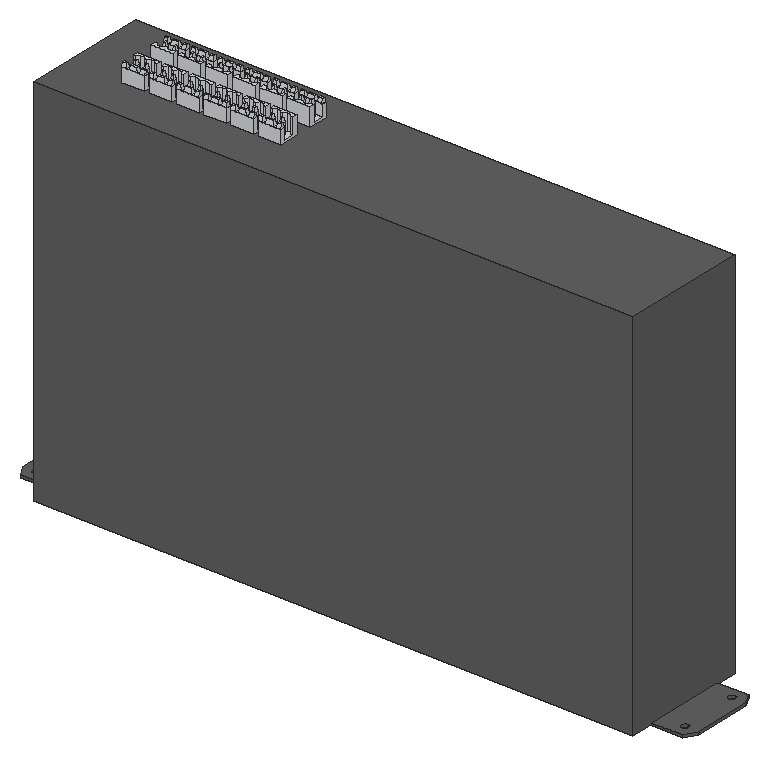
Revit family "БП24.220.350_RV17_LOD400 (05.11.23)", category Электрооборудование, Revit 2017
Family settings
  Конфигурация панели = Два столбца, слева направо
  Размер круглого соединителя = Использовать диаметр
  Тип детали = Щит
  На основе рабочей плоскости = Да
  Всегда вертикально = Нет
  При загрузке вырезать с полостями = Нет
  Общий = Нет
  Точка расчета площади = Нет
Parameters (values of type "БП24/220/350")
  Смещение_УГО_Y [instance] = 0 mm
  Смещение_УГО_X [instance] = 0 mm
  Раздел проекта [instance] = ""
  Раздел Спецификации [instance] = ""
  Потребляемый ток, не более, А = 4 A
  Default Elevation = 1219.2 mm
  Напряжение = "220"
  Интерфейс управления = "RS-485"
  Диапазон рабочих температур, °С = "от –40 до +50"
  Выходное напряжение постоянного тока, В = 24
  Время непрерывной работы, ч = "круглосуточно"
  В_Смещение_УГО_Y [instance] = Смещение_УГО_Y + 2000 mm  # 2000 mm
  В_Смещение_УГО_X [instance] = Смещение_УГО_X + 2000 mm  # 2000 mm
  d_короба = 0 mm
  ADSK_Размер_Длина = 299 mm
  ADSK_Размер_Глубина = 166 mm
  ADSK_Размер_Высота = 56 mm
  ADSK_Примечание = ""
  ADSK_Наименование = "Блок питания БП24/220/350"
  ADSK_Масса = 2.2
  ADSK_Марка = "СТВФ.426471.012-01"
  ADSK_Количество = 1
  ADSK_Завод-изготовитель = "ООО «Основа Безопасности»"  # constant formula
  ADSK_Единица измерения = "шт."  # constant formula
  ADSK_URL страницы изделия = "https://stilsoft.ru/products/bp24-220-350"
  ADSK_URL документации изделия = ""
Reference planes
  plane 1 "По центру (Вперед/Назад)": y = 0
  plane 2: z = 0
  plane 3 "По центру (Влево/Вправо)": x = 0
  plane 4: y = 2000
  plane 5: x = -2000
  plane 6: x = 0
  plane 7: y = 0
  plane 8: x = 149.5
  plane 9: x = -149.5
  plane 10: x = 132.5
  plane 11 "1": x = -132.5
Forms (mm)
  Extrusion 1, solid, material "Стена по умолчанию", detail levels medium+fine
    sketch origin (0, 28, 0) x (0, -1, 0) y (1, 0, 0)
      loop
        line (56, -132.5) -> (56, 132.5) -> (0, 132.5) -> (0, -132.5) -> (56, -132.5)
    from 0 to 166
  Extrusion 2, solid, material "Стена по умолчанию", detail levels medium+fine
    sketch origin (0, 28, 0) x (0, -1, 0) y (1, 0, 0)
      loop
        line (10, -132.5) -> (10, -146.613) -> (15, -149.5) -> (41, -149.5) -> (45.9, -146.671) -> (45.9, -132.5) -> (10, -132.5)
      loop
        circle (40.943, -143.445) r 1.6
      loop
        line (10, 132.5) -> (46, 132.5) -> (46, 146.613) -> (41, 149.5) -> (15, 149.5) -> (10, 146.613) -> (10, 132.5)
      loop
        circle (15.057, -143.445) r 1.6
      loop
        circle (40.943, 143.445) r 1.6
      loop
        circle (15.057, 143.445) r 1.6
    from 0 to 1
  Extrusion 3, void, detail levels medium+fine
    sketch origin (0, 28, 0) x (1, 0, 0) y (0, 0, 1)
      loop
        line (-72.5, 30) -> (-70, 30) -> (-70, 60) -> (-72.5, 60) -> (-72.5, 30)
      loop
        line (-72.5, 75) -> (-70, 75) -> (-70, 105) -> (-72.5, 105) -> (-72.5, 75)
    from 0 to 10
  Extrusion 4, void
    sketch origin (5, 28, 0) x (1, 0, 0) y (0, 0, 1)
      loop
        line (-72.5, 30) -> (-70, 30) -> (-70, 60) -> (-72.5, 60) -> (-72.5, 30)
      loop
        line (-72.5, 75) -> (-70, 75) -> (-70, 105) -> (-72.5, 105) -> (-72.5, 75)
    from 0 to 10
  Extrusion 5, void
    sketch origin (10, 28, 0) x (1, 0, 0) y (0, 0, 1)
      loop
        line (-72.5, 30) -> (-70, 30) -> (-70, 60) -> (-72.5, 60) -> (-72.5, 30)
      loop
        line (-72.5, 75) -> (-70, 75) -> (-70, 105) -> (-72.5, 105) -> (-72.5, 75)
    from 0 to 10
  Extrusion 6, void
    sketch origin (15, 28, 0) x (1, 0, 0) y (0, 0, 1)
      loop
        line (-72.5, 30) -> (-70, 30) -> (-70, 60) -> (-72.5, 60) -> (-72.5, 30)
      loop
        line (-72.5, 75) -> (-70, 75) -> (-70, 105) -> (-72.5, 105) -> (-72.5, 75)
    from 0 to 10
  Extrusion 7, void
    sketch origin (20, 28, 0) x (1, 0, 0) y (0, 0, 1)
      loop
        line (-72.5, 30) -> (-70, 30) -> (-70, 60) -> (-72.5, 60) -> (-72.5, 30)
      loop
        line (-72.5, 75) -> (-70, 75) -> (-70, 105) -> (-72.5, 105) -> (-72.5, 75)
    from 0 to 10
  Extrusion 8, void
    sketch origin (25, 28, 0) x (1, 0, 0) y (0, 0, 1)
      loop
        line (-72.5, 30) -> (-70, 30) -> (-70, 60) -> (-72.5, 60) -> (-72.5, 30)
      loop
        line (-72.5, 75) -> (-70, 75) -> (-70, 105) -> (-72.5, 105) -> (-72.5, 75)
    from 0 to 10
  Extrusion 9, void
    sketch origin (30, 28, 0) x (1, 0, 0) y (0, 0, 1)
      loop
        line (-72.5, 30) -> (-70, 30) -> (-70, 60) -> (-72.5, 60) -> (-72.5, 30)
      loop
        line (-72.5, 75) -> (-70, 75) -> (-70, 105) -> (-72.5, 105) -> (-72.5, 75)
    from 0 to 10
  Extrusion 10, void
    sketch origin (35, 28, 0) x (1, 0, 0) y (0, 0, 1)
      loop
        line (-72.5, 30) -> (-70, 30) -> (-70, 60) -> (-72.5, 60) -> (-72.5, 30)
      loop
        line (-72.5, 75) -> (-70, 75) -> (-70, 105) -> (-72.5, 105) -> (-72.5, 75)
    from 0 to 10
  Extrusion 11, void
    sketch origin (40, 28, 0) x (1, 0, 0) y (0, 0, 1)
      loop
        line (-72.5, 30) -> (-70, 30) -> (-70, 60) -> (-72.5, 60) -> (-72.5, 30)
      loop
        line (-72.5, 75) -> (-70, 75) -> (-70, 105) -> (-72.5, 105) -> (-72.5, 75)
    from 0 to 10
  Extrusion 12, void
    sketch origin (45, 28, 0) x (1, 0, 0) y (0, 0, 1)
      loop
        line (-72.5, 30) -> (-70, 30) -> (-70, 60) -> (-72.5, 60) -> (-72.5, 30)
      loop
        line (-72.5, 75) -> (-70, 75) -> (-70, 105) -> (-72.5, 105) -> (-72.5, 75)
    from 0 to 10
  Extrusion 13, void
    sketch origin (50, 28, 0) x (1, 0, 0) y (0, 0, 1)
      loop
        line (-72.5, 30) -> (-70, 30) -> (-70, 60) -> (-72.5, 60) -> (-72.5, 30)
      loop
        line (-72.5, 75) -> (-70, 75) -> (-70, 105) -> (-72.5, 105) -> (-72.5, 75)
    from 0 to 10
  Extrusion 14, void, detail levels medium+fine
    sketch origin (55, 28, 0) x (1, 0, 0) y (0, 0, 1)
      loop
        line (-72.5, 30) -> (-70, 30) -> (-70, 60) -> (-72.5, 60) -> (-72.5, 30)
      loop
        line (-72.5, 75) -> (-70, 75) -> (-70, 105) -> (-72.5, 105) -> (-72.5, 75)
    from 0 to 10
  Extrusion 15, void
    sketch origin (60, 28, 0) x (1, 0, 0) y (0, 0, 1)
      loop
        line (-72.5, 30) -> (-70, 30) -> (-70, 60) -> (-72.5, 60) -> (-72.5, 30)
      loop
        line (-72.5, 75) -> (-70, 75) -> (-70, 105) -> (-72.5, 105) -> (-72.5, 75)
    from 0 to 10
  Extrusion 16, void
    sketch origin (65, 28, 0) x (1, 0, 0) y (0, 0, 1)
      loop
        line (-72.5, 30) -> (-70, 30) -> (-70, 60) -> (-72.5, 60) -> (-72.5, 30)
      loop
        line (-72.5, 75) -> (-70, 75) -> (-70, 105) -> (-72.5, 105) -> (-72.5, 75)
    from 0 to 10
  Extrusion 17, void, detail levels medium+fine
    sketch origin (150, 28, 0) x (-1, 0, 0) y (0, 0, -1)
      loop
        line (83.75, -134.128) -> (83.75, -68.001) -> (81.25, -68.001) -> (81.25, -134.128) -> (83.75, -134.128)
    from 0 to 10
  Extrusion 18, void, detail levels medium+fine
    sketch origin (155, 28, 0) x (-1, 0, 0) y (0, 0, -1)
      loop
        line (83.75, -135.278) -> (83.75, -66.733) -> (81.25, -66.733) -> (81.25, -135.278) -> (83.75, -135.278)
    from 0 to 10
  Extrusion 19, void, detail levels medium+fine
    sketch origin (160, 28, 0) x (-1, 0, 0) y (0, 0, -1)
      loop
        line (83.75, -135.87) -> (83.75, -65.997) -> (81.25, -65.997) -> (81.25, -135.87) -> (83.75, -135.87)
    from 0 to 10
  Extrusion 20, void, detail levels medium+fine
    sketch origin (145, 28, 0) x (-1, 0, 0) y (0, 0, -1)
      loop
        line (83.75, -131.746) -> (83.75, -70.132) -> (81.25, -70.132) -> (81.25, -131.746) -> (83.75, -131.746)
    from 0 to 10
  Extrusion 21, void, detail levels medium+fine
    sketch origin (140, 28, 0) x (-1, 0, 0) y (0, 0, -1)
      loop
        line (83.75, -128.183) -> (83.75, -73.669) -> (81.25, -73.669) -> (81.25, -128.183) -> (83.75, -128.183)
    from 0 to 10
  Extrusion 22, void, detail levels medium+fine
    sketch origin (135, 28, 0) x (-1, 0, 0) y (0, 0, -1)
      loop
        line (83.75, -123.669) -> (83.75, -78.409) -> (81.25, -78.409) -> (81.25, -123.669) -> (83.75, -123.669)
    from 0 to 10
  Extrusion 23, void, detail levels medium+fine
    sketch origin (130, 28, 0) x (-1, 0, 0) y (0, 0, -1)
      loop
        line (83.75, -116.574) -> (83.75, -85.412) -> (81.25, -85.412) -> (81.25, -116.574) -> (83.75, -116.574)
    from 0 to 10
  Extrusion 24, void, detail levels medium+fine
    sketch origin (5, 28, 0) x (1, 0, 0) y (0, 0, 1)
      loop
        line (83.75, 134.128) -> (81.25, 134.128) -> (81.25, 68.001) -> (83.75, 68.001) -> (83.75, 134.128)
    from 0 to 10
  Extrusion 25, void, detail levels medium+fine
    sketch origin (0, 28, 0) x (1, 0, 0) y (0, 0, 1)
      loop
        line (83.75, 135.278) -> (81.25, 135.278) -> (81.25, 66.733) -> (83.75, 66.733) -> (83.75, 135.278)
    from 0 to 10
  Extrusion 26, void, detail levels medium+fine
    sketch origin (10, 28, 0) x (1, 0, 0) y (0, 0, 1)
      loop
        line (83.75, 131.746) -> (81.25, 131.746) -> (81.25, 70.132) -> (83.75, 70.132) -> (83.75, 131.746)
    from 0 to 10
  Extrusion 27, void, detail levels medium+fine
    sketch origin (15, 28, 0) x (1, 0, 0) y (0, 0, 1)
      loop
        line (83.75, 128.183) -> (81.25, 128.183) -> (81.25, 73.669) -> (83.75, 73.669) -> (83.75, 128.183)
    from 0 to 10
  Extrusion 28, void, detail levels medium+fine
    sketch origin (20, 28, 0) x (1, 0, 0) y (0, 0, 1)
      loop
        line (83.75, 123.669) -> (81.25, 123.669) -> (81.25, 78.409) -> (83.75, 78.409) -> (83.75, 123.669)
    from 0 to 10
  Extrusion 29, void, detail levels medium+fine
    sketch origin (25, 28, 0) x (1, 0, 0) y (0, 0, 1)
      loop
        line (83.75, 116.574) -> (81.25, 116.574) -> (81.25, 85.412) -> (83.75, 85.412) -> (83.75, 116.574)
    from 0 to 10
  Extrusion 30, void, detail levels medium+fine
    sketch origin (-132.5, 28, -5) x (0, 0, -1) y (0, -1, 0)
      loop
        line (-151, 12.6) -> (-148.5, 12.6) -> (-148.5, 42.6) -> (-151, 42.6) -> (-151, 12.6)
    from 0 to -10
  Extrusion 31, void, detail levels medium+fine
    sketch origin (-132.5, 28, -10) x (0, 0, -1) y (0, -1, 0)
      loop
        line (-151, 12.6) -> (-148.5, 12.6) -> (-148.5, 42.6) -> (-151, 42.6) -> (-151, 12.6)
    from 0 to -10
  Extrusion 32, void, detail levels medium+fine
    sketch origin (-132.5, 28, -15) x (0, 0, -1) y (0, -1, 0)
      loop
        line (-151, 12.6) -> (-148.5, 12.6) -> (-148.5, 42.6) -> (-151, 42.6) -> (-151, 12.6)
    from 0 to -10
  Extrusion 33, void, detail levels medium+fine
    sketch origin (-132.5, 28, -20) x (0, 0, -1) y (0, -1, 0)
      loop
        line (-151, 12.6) -> (-148.5, 12.6) -> (-148.5, 42.6) -> (-151, 42.6) -> (-151, 12.6)
    from 0 to -10
  Extrusion 34, void, detail levels medium+fine
    sketch origin (-132.5, 28, -25) x (0, 0, -1) y (0, -1, 0)
      loop
        line (-151, 12.6) -> (-148.5, 12.6) -> (-148.5, 42.6) -> (-151, 42.6) -> (-151, 12.6)
    from 0 to -10
  Extrusion 35, void, detail levels medium+fine
    sketch origin (-132.5, 28, -30) x (0, 0, -1) y (0, -1, 0)
      loop
        line (-151, 12.6) -> (-148.5, 12.6) -> (-148.5, 42.6) -> (-151, 42.6) -> (-151, 12.6)
    from 0 to -10
  Extrusion 36, void, detail levels medium+fine
    sketch origin (-132.5, 28, -35) x (0, 0, -1) y (0, -1, 0)
      loop
        line (-151, 12.6) -> (-148.5, 12.6) -> (-148.5, 42.6) -> (-151, 42.6) -> (-151, 12.6)
    from 0 to -10
  Extrusion 37, void, detail levels medium+fine
    sketch origin (-132.5, 28, -40) x (0, 0, -1) y (0, -1, 0)
      loop
        line (-151, 12.6) -> (-148.5, 12.6) -> (-148.5, 42.6) -> (-151, 42.6) -> (-151, 12.6)
    from 0 to -10
  Extrusion 38, void, detail levels medium+fine
    sketch origin (-132.5, 28, -45) x (0, 0, -1) y (0, -1, 0)
      loop
        line (-151, 12.6) -> (-148.5, 12.6) -> (-148.5, 42.6) -> (-151, 42.6) -> (-151, 12.6)
    from 0 to -10
  Extrusion 39, void, detail levels medium+fine
    sketch origin (-132.5, 28, -50) x (0, 0, -1) y (0, -1, 0)
      loop
        line (-151, 12.6) -> (-148.5, 12.6) -> (-148.5, 42.6) -> (-151, 42.6) -> (-151, 12.6)
    from 0 to -10
  Extrusion 40, void, detail levels medium+fine
    sketch origin (-132.5, 28, -55) x (0, 0, -1) y (0, -1, 0)
      loop
        line (-151, 12.6) -> (-148.5, 12.6) -> (-148.5, 42.6) -> (-151, 42.6) -> (-151, 12.6)
    from 0 to -10
  Extrusion 41, void, detail levels medium+fine
    sketch origin (-132.5, 28, -60) x (0, 0, -1) y (0, -1, 0)
      loop
        line (-151, 12.6) -> (-148.5, 12.6) -> (-148.5, 42.6) -> (-151, 42.6) -> (-151, 12.6)
    from 0 to -10
  Extrusion 42, void, detail levels medium+fine
    sketch origin (-132.5, 28, -65) x (0, 0, -1) y (0, -1, 0)
      loop
        line (-151, 12.6) -> (-148.5, 12.6) -> (-148.5, 42.6) -> (-151, 42.6) -> (-151, 12.6)
    from 0 to -10
  Extrusion 43, void, detail levels medium+fine
    sketch origin (-132.5, 28, -70) x (0, 0, -1) y (0, -1, 0)
      loop
        line (-151, 12.6) -> (-148.5, 12.6) -> (-148.5, 42.6) -> (-151, 42.6) -> (-151, 12.6)
    from 0 to -10
  Extrusion 44, void, detail levels medium+fine
    sketch origin (-132.5, 28, 0) x (0, 0, -1) y (0, -1, 0)
      loop
        line (-151, 12.6) -> (-148.5, 12.6) -> (-148.5, 42.6) -> (-151, 42.6) -> (-151, 12.6)
    from 0 to -10
  Extrusion 45, solid, detail levels medium+fine
    sketch origin (0, 28, 166) x (-1, 0, 0) y (0, -1, 0)
      loop
        line (98.62, 21.184) -> (98.62, 19.202) -> (99.495, 19.202) -> (100.459, 20.166) -> (102.219, 20.166) -> (103.183, 19.202) -> (104.058, 19.202) -> (105.022, 20.166) -> (106.781, 20.166) -> (107.745, 19.202) -> (108.62, 19.202) -> (108.62, 21.184) -> (98.62, 21.184)
    from 0 to 8
  Extrusion 46, solid, detail levels medium+fine
    sketch origin (0, 28, 166) x (-1, 0, 0) y (0, -1, 0)
      loop
        line (98.62, 12.584) -> (108.62, 12.584) -> (108.62, 14.187) -> (98.62, 14.187) -> (98.62, 12.584)
      loop
        line (100.794, 17.33) -> (100.794, 15.959) -> (102.002, 15.959) -> (102.002, 17.33) -> (100.794, 17.33)
      loop
        line (106.446, 17.33) -> (105.238, 17.33) -> (105.238, 15.959) -> (106.446, 15.959) -> (106.446, 17.33)
    from 0 to 6
  Extrusion 47, solid, detail levels medium+fine
    sketch origin (0, 28, 166) x (-1, 0, 0) y (0, -1, 0)
      loop
        line (98.62, 21.184) -> (98.62, 12.584) -> (108.62, 12.584) -> (108.62, 21.184) -> (98.62, 21.184)
    from 0 to 1
  Blend 48, solid, detail levels medium+fine
    base sketch origin (0, 28, 166) x (-1, 0, 0) y (0, -1, 0)
      loop
        line (100.794, 17.33) -> (100.794, 15.959) -> (102.002, 15.959) -> (102.002, 17.33) -> (100.794, 17.33)
    top sketch origin (0, 28, 166) x (-1, 0, 0) y (0, -1, 0)
      loop
        line (101.026, 17.048) -> (101.026, 16.244) -> (101.812, 16.244) -> (101.812, 17.048) -> (101.026, 17.048)
    from 6 to 8
  Blend 49, solid, detail levels medium+fine
    base sketch origin (-4.444, 28, 166) x (-1, 0, 0) y (0, -1, 0)
      loop
        line (100.794, 17.33) -> (100.794, 15.959) -> (102.002, 15.959) -> (102.002, 17.33) -> (100.794, 17.33)
    top sketch origin (-4.444, 28, 166) x (-1, 0, 0) y (0, -1, 0)
      loop
        line (101.026, 17.048) -> (101.026, 16.244) -> (101.812, 16.244) -> (101.812, 17.048) -> (101.026, 17.048)
    from 6 to 8
  Blend 50, solid, detail levels medium+fine
    base sketch origin (0, 28, 166) x (-1, 0, 0) y (0, -1, 0)
      loop
        line (101.875, 14.187) -> (101.875, 12.584) -> (105.457, 12.584) -> (105.457, 14.187) -> (101.875, 14.187)
    top sketch origin (0, 28, 166) x (-1, 0, 0) y (0, -1, 0)
      loop
        line (102.306, 13.751) -> (102.306, 12.968) -> (105.125, 12.968) -> (105.125, 13.751) -> (102.306, 13.751)
    from 6 to 8
  Blend 51, solid, detail levels medium+fine
    base sketch origin (0, 28, 166) x (-1, 0, 0) y (0, -1, 0)
      loop
        line (106.585, 14.187) -> (106.585, 12.584) -> (108.62, 12.584) -> (108.62, 14.187) -> (106.585, 14.187)
    top sketch origin (0, 28, 166) x (-1, 0, 0) y (0, -1, 0)
      loop
        line (106.948, 13.801) -> (106.948, 12.962) -> (108.62, 12.962) -> (108.62, 13.801) -> (106.948, 13.801)
    from 6 to 8
  Blend 52, solid, detail levels medium+fine
    base sketch origin (-207.332, 28, 166) x (1, 0, 0) y (0, 1, 0)
      loop
        line (106.585, -14.187) -> (108.62, -14.187) -> (108.62, -12.584) -> (106.585, -12.584) -> (106.585, -14.187)
    top sketch origin (-207.332, 28, 166) x (1, 0, 0) y (0, 1, 0)
      loop
        line (106.948, -13.801) -> (108.62, -13.801) -> (108.62, -12.962) -> (106.948, -12.962) -> (106.948, -13.801)
    from 6 to 8
  Extrusion 53, solid, detail levels medium+fine
    sketch origin (12.049, 28, 166) x (-1, 0, 0) y (0, -1, 0)
      loop
        line (98.62, 21.184) -> (98.62, 19.202) -> (99.495, 19.202) -> (100.459, 20.166) -> (102.219, 20.166) -> (103.183, 19.202) -> (104.058, 19.202) -> (105.022, 20.166) -> (106.781, 20.166) -> (107.745, 19.202) -> (108.62, 19.202) -> (108.62, 21.184) -> (98.62, 21.184)
    from 0 to 8
  Extrusion 54, solid, detail levels medium+fine
    sketch origin (12.049, 28, 166) x (-1, 0, 0) y (0, -1, 0)
      loop
        line (98.62, 12.584) -> (108.62, 12.584) -> (108.62, 14.187) -> (98.62, 14.187) -> (98.62, 12.584)
      loop
        line (100.794, 17.33) -> (100.794, 15.959) -> (102.002, 15.959) -> (102.002, 17.33) -> (100.794, 17.33)
      loop
        line (106.446, 17.33) -> (105.238, 17.33) -> (105.238, 15.959) -> (106.446, 15.959) -> (106.446, 17.33)
    from 0 to 6
  Extrusion 55, solid, detail levels medium+fine
    sketch origin (12.049, 28, 166) x (-1, 0, 0) y (0, -1, 0)
      loop
        line (98.62, 21.184) -> (98.62, 12.584) -> (108.62, 12.584) -> (108.62, 21.184) -> (98.62, 21.184)
    from 0 to 1
  Blend 56, solid, detail levels medium+fine
    base sketch origin (12.049, 28, 166) x (-1, 0, 0) y (0, -1, 0)
      loop
        line (100.794, 17.33) -> (100.794, 15.959) -> (102.002, 15.959) -> (102.002, 17.33) -> (100.794, 17.33)
    top sketch origin (12.049, 28, 166) x (-1, 0, 0) y (0, -1, 0)
      loop
        line (101.026, 17.048) -> (101.026, 16.244) -> (101.812, 16.244) -> (101.812, 17.048) -> (101.026, 17.048)
    from 6 to 8
  Blend 57, solid, detail levels medium+fine
    base sketch origin (7.605, 28, 166) x (-1, 0, 0) y (0, -1, 0)
      loop
        line (100.794, 17.33) -> (100.794, 15.959) -> (102.002, 15.959) -> (102.002, 17.33) -> (100.794, 17.33)
    top sketch origin (7.605, 28, 166) x (-1, 0, 0) y (0, -1, 0)
      loop
        line (101.026, 17.048) -> (101.026, 16.244) -> (101.812, 16.244) -> (101.812, 17.048) -> (101.026, 17.048)
    from 6 to 8
  Blend 58, solid, detail levels medium+fine
    base sketch origin (12.049, 28, 166) x (-1, 0, 0) y (0, -1, 0)
      loop
        line (101.875, 14.187) -> (101.875, 12.584) -> (105.457, 12.584) -> (105.457, 14.187) -> (101.875, 14.187)
    top sketch origin (12.049, 28, 166) x (-1, 0, 0) y (0, -1, 0)
      loop
        line (102.306, 13.751) -> (102.306, 12.968) -> (105.125, 12.968) -> (105.125, 13.751) -> (102.306, 13.751)
    from 6 to 8
  Blend 59, solid, detail levels medium+fine
    base sketch origin (12.049, 28, 166) x (-1, 0, 0) y (0, -1, 0)
      loop
        line (106.585, 14.187) -> (106.585, 12.584) -> (108.62, 12.584) -> (108.62, 14.187) -> (106.585, 14.187)
    top sketch origin (12.049, 28, 166) x (-1, 0, 0) y (0, -1, 0)
      loop
        line (106.948, 13.801) -> (106.948, 12.962) -> (108.62, 12.962) -> (108.62, 13.801) -> (106.948, 13.801)
    from 6 to 8
  Blend 60, solid, detail levels medium+fine
    base sketch origin (-195.283, 28, 166) x (1, 0, 0) y (0, 1, 0)
      loop
        line (106.585, -14.187) -> (108.62, -14.187) -> (108.62, -12.584) -> (106.585, -12.584) -> (106.585, -14.187)
    top sketch origin (-195.283, 28, 166) x (1, 0, 0) y (0, 1, 0)
      loop
        line (106.948, -13.801) -> (108.62, -13.801) -> (108.62, -12.962) -> (106.948, -12.962) -> (106.948, -13.801)
    from 6 to 8
  Extrusion 61, solid, detail levels medium+fine
    sketch origin (24.097, 28, 166) x (-1, 0, 0) y (0, -1, 0)
      loop
        line (98.62, 21.184) -> (98.62, 19.202) -> (99.495, 19.202) -> (100.459, 20.166) -> (102.219, 20.166) -> (103.183, 19.202) -> (104.058, 19.202) -> (105.022, 20.166) -> (106.781, 20.166) -> (107.745, 19.202) -> (108.62, 19.202) -> (108.62, 21.184) -> (98.62, 21.184)
    from 0 to 8
  Extrusion 62, solid, detail levels medium+fine
    sketch origin (24.097, 28, 166) x (-1, 0, 0) y (0, -1, 0)
      loop
        line (98.62, 12.584) -> (108.62, 12.584) -> (108.62, 14.187) -> (98.62, 14.187) -> (98.62, 12.584)
      loop
        line (100.794, 17.33) -> (100.794, 15.959) -> (102.002, 15.959) -> (102.002, 17.33) -> (100.794, 17.33)
      loop
        line (106.446, 17.33) -> (105.238, 17.33) -> (105.238, 15.959) -> (106.446, 15.959) -> (106.446, 17.33)
    from 0 to 6
  Extrusion 63, solid, detail levels medium+fine
    sketch origin (24.097, 28, 166) x (-1, 0, 0) y (0, -1, 0)
      loop
        line (98.62, 21.184) -> (98.62, 12.584) -> (108.62, 12.584) -> (108.62, 21.184) -> (98.62, 21.184)
    from 0 to 1
  Blend 64, solid, detail levels medium+fine
    base sketch origin (24.097, 28, 166) x (-1, 0, 0) y (0, -1, 0)
      loop
        line (100.794, 17.33) -> (100.794, 15.959) -> (102.002, 15.959) -> (102.002, 17.33) -> (100.794, 17.33)
    top sketch origin (24.097, 28, 166) x (-1, 0, 0) y (0, -1, 0)
      loop
        line (101.026, 17.048) -> (101.026, 16.244) -> (101.812, 16.244) -> (101.812, 17.048) -> (101.026, 17.048)
    from 6 to 8
  Blend 65, solid, detail levels medium+fine
    base sketch origin (19.653, 28, 166) x (-1, 0, 0) y (0, -1, 0)
      loop
        line (100.794, 17.33) -> (100.794, 15.959) -> (102.002, 15.959) -> (102.002, 17.33) -> (100.794, 17.33)
    top sketch origin (19.653, 28, 166) x (-1, 0, 0) y (0, -1, 0)
      loop
        line (101.026, 17.048) -> (101.026, 16.244) -> (101.812, 16.244) -> (101.812, 17.048) -> (101.026, 17.048)
    from 6 to 8
  Blend 66, solid, detail levels medium+fine
    base sketch origin (24.097, 28, 166) x (-1, 0, 0) y (0, -1, 0)
      loop
        line (101.875, 14.187) -> (101.875, 12.584) -> (105.457, 12.584) -> (105.457, 14.187) -> (101.875, 14.187)
    top sketch origin (24.097, 28, 166) x (-1, 0, 0) y (0, -1, 0)
      loop
        line (102.306, 13.751) -> (102.306, 12.968) -> (105.125, 12.968) -> (105.125, 13.751) -> (102.306, 13.751)
    from 6 to 8
  Blend 67, solid, detail levels medium+fine
    base sketch origin (24.097, 28, 166) x (-1, 0, 0) y (0, -1, 0)
      loop
        line (106.585, 14.187) -> (106.585, 12.584) -> (108.62, 12.584) -> (108.62, 14.187) -> (106.585, 14.187)
    top sketch origin (24.097, 28, 166) x (-1, 0, 0) y (0, -1, 0)
      loop
        line (106.948, 13.801) -> (106.948, 12.962) -> (108.62, 12.962) -> (108.62, 13.801) -> (106.948, 13.801)
    from 6 to 8
  Blend 68, solid, detail levels medium+fine
    base sketch origin (-183.234, 28, 166) x (1, 0, 0) y (0, 1, 0)
      loop
        line (106.585, -14.187) -> (108.62, -14.187) -> (108.62, -12.584) -> (106.585, -12.584) -> (106.585, -14.187)
    top sketch origin (-183.234, 28, 166) x (1, 0, 0) y (0, 1, 0)
      loop
        line (106.948, -13.801) -> (108.62, -13.801) -> (108.62, -12.962) -> (106.948, -12.962) -> (106.948, -13.801)
    from 6 to 8
  Extrusion 69, solid, detail levels medium+fine
    sketch origin (36.146, 28, 166) x (-1, 0, 0) y (0, -1, 0)
      loop
        line (98.62, 21.184) -> (98.62, 19.202) -> (99.495, 19.202) -> (100.459, 20.166) -> (102.219, 20.166) -> (103.183, 19.202) -> (104.058, 19.202) -> (105.022, 20.166) -> (106.781, 20.166) -> (107.745, 19.202) -> (108.62, 19.202) -> (108.62, 21.184) -> (98.62, 21.184)
    from 0 to 8
  Extrusion 70, solid, detail levels medium+fine
    sketch origin (36.146, 28, 166) x (-1, 0, 0) y (0, -1, 0)
      loop
        line (98.62, 12.584) -> (108.62, 12.584) -> (108.62, 14.187) -> (98.62, 14.187) -> (98.62, 12.584)
      loop
        line (100.794, 17.33) -> (100.794, 15.959) -> (102.002, 15.959) -> (102.002, 17.33) -> (100.794, 17.33)
      loop
        line (106.446, 17.33) -> (105.238, 17.33) -> (105.238, 15.959) -> (106.446, 15.959) -> (106.446, 17.33)
    from 0 to 6
  Extrusion 71, solid, detail levels medium+fine
    sketch origin (36.146, 28, 166) x (-1, 0, 0) y (0, -1, 0)
      loop
        line (98.62, 21.184) -> (98.62, 12.584) -> (108.62, 12.584) -> (108.62, 21.184) -> (98.62, 21.184)
    from 0 to 1
  Blend 72, solid, detail levels medium+fine
    base sketch origin (36.146, 28, 166) x (-1, 0, 0) y (0, -1, 0)
      loop
        line (100.794, 17.33) -> (100.794, 15.959) -> (102.002, 15.959) -> (102.002, 17.33) -> (100.794, 17.33)
    top sketch origin (36.146, 28, 166) x (-1, 0, 0) y (0, -1, 0)
      loop
        line (101.026, 17.048) -> (101.026, 16.244) -> (101.812, 16.244) -> (101.812, 17.048) -> (101.026, 17.048)
    from 6 to 8
  Blend 73, solid, detail levels medium+fine
    base sketch origin (31.702, 28, 166) x (-1, 0, 0) y (0, -1, 0)
      loop
        line (100.794, 17.33) -> (100.794, 15.959) -> (102.002, 15.959) -> (102.002, 17.33) -> (100.794, 17.33)
    top sketch origin (31.702, 28, 166) x (-1, 0, 0) y (0, -1, 0)
      loop
        line (101.026, 17.048) -> (101.026, 16.244) -> (101.812, 16.244) -> (101.812, 17.048) -> (101.026, 17.048)
    from 6 to 8
  Blend 74, solid, detail levels medium+fine
    base sketch origin (36.146, 28, 166) x (-1, 0, 0) y (0, -1, 0)
      loop
        line (101.875, 14.187) -> (101.875, 12.584) -> (105.457, 12.584) -> (105.457, 14.187) -> (101.875, 14.187)
    top sketch origin (36.146, 28, 166) x (-1, 0, 0) y (0, -1, 0)
      loop
        line (102.306, 13.751) -> (102.306, 12.968) -> (105.125, 12.968) -> (105.125, 13.751) -> (102.306, 13.751)
    from 6 to 8
  Blend 75, solid, detail levels medium+fine
    base sketch origin (36.146, 28, 166) x (-1, 0, 0) y (0, -1, 0)
      loop
        line (106.585, 14.187) -> (106.585, 12.584) -> (108.62, 12.584) -> (108.62, 14.187) -> (106.585, 14.187)
    top sketch origin (36.146, 28, 166) x (-1, 0, 0) y (0, -1, 0)
      loop
        line (106.948, 13.801) -> (106.948, 12.962) -> (108.62, 12.962) -> (108.62, 13.801) -> (106.948, 13.801)
    from 6 to 8
  Blend 76, solid, detail levels medium+fine
    base sketch origin (-171.186, 28, 166) x (1, 0, 0) y (0, 1, 0)
      loop
        line (106.585, -14.187) -> (108.62, -14.187) -> (108.62, -12.584) -> (106.585, -12.584) -> (106.585, -14.187)
    top sketch origin (-171.186, 28, 166) x (1, 0, 0) y (0, 1, 0)
      loop
        line (106.948, -13.801) -> (108.62, -13.801) -> (108.62, -12.962) -> (106.948, -12.962) -> (106.948, -13.801)
    from 6 to 8
  Extrusion 77, solid, detail levels medium+fine
    sketch origin (48.195, 28, 166) x (-1, 0, 0) y (0, -1, 0)
      loop
        line (98.62, 21.184) -> (98.62, 19.202) -> (99.495, 19.202) -> (100.459, 20.166) -> (102.219, 20.166) -> (103.183, 19.202) -> (104.058, 19.202) -> (105.022, 20.166) -> (106.781, 20.166) -> (107.745, 19.202) -> (108.62, 19.202) -> (108.62, 21.184) -> (98.62, 21.184)
    from 0 to 8
  Extrusion 78, solid, detail levels medium+fine
    sketch origin (48.195, 28, 166) x (-1, 0, 0) y (0, -1, 0)
      loop
        line (98.62, 12.584) -> (108.62, 12.584) -> (108.62, 14.187) -> (98.62, 14.187) -> (98.62, 12.584)
      loop
        line (100.794, 17.33) -> (100.794, 15.959) -> (102.002, 15.959) -> (102.002, 17.33) -> (100.794, 17.33)
      loop
        line (106.446, 17.33) -> (105.238, 17.33) -> (105.238, 15.959) -> (106.446, 15.959) -> (106.446, 17.33)
    from 0 to 6
  Extrusion 79, solid, detail levels medium+fine
    sketch origin (48.195, 28, 166) x (-1, 0, 0) y (0, -1, 0)
      loop
        line (98.62, 21.184) -> (98.62, 12.584) -> (108.62, 12.584) -> (108.62, 21.184) -> (98.62, 21.184)
    from 0 to 1
  Blend 80, solid, detail levels medium+fine
    base sketch origin (48.195, 28, 166) x (-1, 0, 0) y (0, -1, 0)
      loop
        line (100.794, 17.33) -> (100.794, 15.959) -> (102.002, 15.959) -> (102.002, 17.33) -> (100.794, 17.33)
    top sketch origin (48.195, 28, 166) x (-1, 0, 0) y (0, -1, 0)
      loop
        line (101.026, 17.048) -> (101.026, 16.244) -> (101.812, 16.244) -> (101.812, 17.048) -> (101.026, 17.048)
    from 6 to 8
  Blend 81, solid, detail levels medium+fine
    base sketch origin (43.751, 28, 166) x (-1, 0, 0) y (0, -1, 0)
      loop
        line (100.794, 17.33) -> (100.794, 15.959) -> (102.002, 15.959) -> (102.002, 17.33) -> (100.794, 17.33)
    top sketch origin (43.751, 28, 166) x (-1, 0, 0) y (0, -1, 0)
      loop
        line (101.026, 17.048) -> (101.026, 16.244) -> (101.812, 16.244) -> (101.812, 17.048) -> (101.026, 17.048)
    from 6 to 8
  Blend 82, solid, detail levels medium+fine
    base sketch origin (48.195, 28, 166) x (-1, 0, 0) y (0, -1, 0)
      loop
        line (101.875, 14.187) -> (101.875, 12.584) -> (105.457, 12.584) -> (105.457, 14.187) -> (101.875, 14.187)
    top sketch origin (48.195, 28, 166) x (-1, 0, 0) y (0, -1, 0)
      loop
        line (102.306, 13.751) -> (102.306, 12.968) -> (105.125, 12.968) -> (105.125, 13.751) -> (102.306, 13.751)
    from 6 to 8
  Blend 83, solid, detail levels medium+fine
    base sketch origin (48.195, 28, 166) x (-1, 0, 0) y (0, -1, 0)
      loop
        line (106.585, 14.187) -> (106.585, 12.584) -> (108.62, 12.584) -> (108.62, 14.187) -> (106.585, 14.187)
    top sketch origin (48.195, 28, 166) x (-1, 0, 0) y (0, -1, 0)
      loop
        line (106.948, 13.801) -> (106.948, 12.962) -> (108.62, 12.962) -> (108.62, 13.801) -> (106.948, 13.801)
    from 6 to 8
  Blend 84, solid, detail levels medium+fine
    base sketch origin (-159.137, 28, 166) x (1, 0, 0) y (0, 1, 0)
      loop
        line (106.585, -14.187) -> (108.62, -14.187) -> (108.62, -12.584) -> (106.585, -12.584) -> (106.585, -14.187)
    top sketch origin (-159.137, 28, 166) x (1, 0, 0) y (0, 1, 0)
      loop
        line (106.948, -13.801) -> (108.62, -13.801) -> (108.62, -12.962) -> (106.948, -12.962) -> (106.948, -13.801)
    from 6 to 8
  Extrusion 85, solid, detail levels medium+fine
    sketch origin (60.243, 28, 166) x (-1, 0, 0) y (0, -1, 0)
      loop
        line (98.62, 21.184) -> (98.62, 19.202) -> (99.495, 19.202) -> (100.459, 20.166) -> (102.219, 20.166) -> (103.183, 19.202) -> (104.058, 19.202) -> (105.022, 20.166) -> (106.781, 20.166) -> (107.745, 19.202) -> (108.62, 19.202) -> (108.62, 21.184) -> (98.62, 21.184)
    from 0 to 8
  Extrusion 86, solid, detail levels medium+fine
    sketch origin (60.243, 28, 166) x (-1, 0, 0) y (0, -1, 0)
      loop
        line (98.62, 12.584) -> (108.62, 12.584) -> (108.62, 14.187) -> (98.62, 14.187) -> (98.62, 12.584)
      loop
        line (100.794, 17.33) -> (100.794, 15.959) -> (102.002, 15.959) -> (102.002, 17.33) -> (100.794, 17.33)
      loop
        line (106.446, 17.33) -> (105.238, 17.33) -> (105.238, 15.959) -> (106.446, 15.959) -> (106.446, 17.33)
    from 0 to 6
  Extrusion 87, solid, detail levels medium+fine
    sketch origin (60.243, 28, 166) x (-1, 0, 0) y (0, -1, 0)
      loop
        line (98.62, 21.184) -> (98.62, 12.584) -> (108.62, 12.584) -> (108.62, 21.184) -> (98.62, 21.184)
    from 0 to 1
  Blend 88, solid, detail levels medium+fine
    base sketch origin (60.243, 28, 166) x (-1, 0, 0) y (0, -1, 0)
      loop
        line (100.794, 17.33) -> (100.794, 15.959) -> (102.002, 15.959) -> (102.002, 17.33) -> (100.794, 17.33)
    top sketch origin (60.243, 28, 166) x (-1, 0, 0) y (0, -1, 0)
      loop
        line (101.026, 17.048) -> (101.026, 16.244) -> (101.812, 16.244) -> (101.812, 17.048) -> (101.026, 17.048)
    from 6 to 8
  Blend 89, solid, detail levels medium+fine
    base sketch origin (55.799, 28, 166) x (-1, 0, 0) y (0, -1, 0)
      loop
        line (100.794, 17.33) -> (100.794, 15.959) -> (102.002, 15.959) -> (102.002, 17.33) -> (100.794, 17.33)
    top sketch origin (55.799, 28, 166) x (-1, 0, 0) y (0, -1, 0)
      loop
        line (101.026, 17.048) -> (101.026, 16.244) -> (101.812, 16.244) -> (101.812, 17.048) -> (101.026, 17.048)
    from 6 to 8
  Blend 90, solid, detail levels medium+fine
    base sketch origin (60.243, 28, 166) x (-1, 0, 0) y (0, -1, 0)
      loop
        line (101.875, 14.187) -> (101.875, 12.584) -> (105.457, 12.584) -> (105.457, 14.187) -> (101.875, 14.187)
    top sketch origin (60.243, 28, 166) x (-1, 0, 0) y (0, -1, 0)
      loop
        line (102.306, 13.751) -> (102.306, 12.968) -> (105.125, 12.968) -> (105.125, 13.751) -> (102.306, 13.751)
    from 6 to 8
  Blend 91, solid, detail levels medium+fine
    base sketch origin (60.243, 28, 166) x (-1, 0, 0) y (0, -1, 0)
      loop
        line (106.585, 14.187) -> (106.585, 12.584) -> (108.62, 12.584) -> (108.62, 14.187) -> (106.585, 14.187)
    top sketch origin (60.243, 28, 166) x (-1, 0, 0) y (0, -1, 0)
      loop
        line (106.948, 13.801) -> (106.948, 12.962) -> (108.62, 12.962) -> (108.62, 13.801) -> (106.948, 13.801)
    from 6 to 8
  Blend 92, solid, detail levels medium+fine
    base sketch origin (-147.088, 28, 166) x (1, 0, 0) y (0, 1, 0)
      loop
        line (106.585, -14.187) -> (108.62, -14.187) -> (108.62, -12.584) -> (106.585, -12.584) -> (106.585, -14.187)
    top sketch origin (-147.088, 28, 166) x (1, 0, 0) y (0, 1, 0)
      loop
        line (106.948, -13.801) -> (108.62, -13.801) -> (108.62, -12.962) -> (106.948, -12.962) -> (106.948, -13.801)
    from 6 to 8
  Extrusion 93, solid, detail levels medium+fine
    sketch origin (0, -21.653, 166) x (-1, 0, 0) y (0, -1, 0)
      loop
        line (98.62, -21.184) -> (108.62, -21.184) -> (108.62, -19.202) -> (107.745, -19.202) -> (106.781, -20.166) -> (105.022, -20.166) -> (104.058, -19.202) -> (103.183, -19.202) -> (102.219, -20.166) -> (100.459, -20.166) -> (99.495, -19.202) -> (98.62, -19.202) -> (98.62, -21.184)
    from 0 to 8
  Extrusion 94, solid, detail levels medium+fine
    sketch origin (0, -21.653, 166) x (-1, 0, 0) y (0, -1, 0)
      loop
        line (98.62, -12.584) -> (98.62, -14.187) -> (108.62, -14.187) -> (108.62, -12.584) -> (98.62, -12.584)
      loop
        line (100.794, -17.33) -> (102.002, -17.33) -> (102.002, -15.959) -> (100.794, -15.959) -> (100.794, -17.33)
      loop
        line (106.446, -17.33) -> (106.446, -15.959) -> (105.238, -15.959) -> (105.238, -17.33) -> (106.446, -17.33)
    from 0 to 6
  Extrusion 95, solid, detail levels medium+fine
    sketch origin (0, -21.653, 166) x (-1, 0, 0) y (0, -1, 0)
      loop
        line (98.62, -21.184) -> (108.62, -21.184) -> (108.62, -12.584) -> (98.62, -12.584) -> (98.62, -21.184)
    from 0 to 1
  Blend 96, solid, detail levels medium+fine
    base sketch origin (0, -21.653, 166) x (-1, 0, 0) y (0, -1, 0)
      loop
        line (100.794, -17.33) -> (102.002, -17.33) -> (102.002, -15.959) -> (100.794, -15.959) -> (100.794, -17.33)
    top sketch origin (0, -21.653, 166) x (-1, 0, 0) y (0, -1, 0)
      loop
        line (101.026, -17.048) -> (101.812, -17.048) -> (101.812, -16.244) -> (101.026, -16.244) -> (101.026, -17.048)
    from 6 to 8
  Blend 97, solid, detail levels medium+fine
    base sketch origin (-4.444, -21.653, 166) x (-1, 0, 0) y (0, -1, 0)
      loop
        line (100.794, -17.33) -> (102.002, -17.33) -> (102.002, -15.959) -> (100.794, -15.959) -> (100.794, -17.33)
    top sketch origin (-4.444, -21.653, 166) x (-1, 0, 0) y (0, -1, 0)
      loop
        line (101.026, -17.048) -> (101.812, -17.048) -> (101.812, -16.244) -> (101.026, -16.244) -> (101.026, -17.048)
    from 6 to 8
  Blend 98, solid, detail levels medium+fine
    base sketch origin (0, -21.653, 166) x (-1, 0, 0) y (0, -1, 0)
      loop
        line (101.875, -14.187) -> (105.457, -14.187) -> (105.457, -12.584) -> (101.875, -12.584) -> (101.875, -14.187)
    top sketch origin (0, -21.653, 166) x (-1, 0, 0) y (0, -1, 0)
      loop
        line (102.306, -13.751) -> (105.125, -13.751) -> (105.125, -12.968) -> (102.306, -12.968) -> (102.306, -13.751)
    from 6 to 8
  Blend 99, solid, detail levels medium+fine
    base sketch origin (0, -21.653, 166) x (-1, 0, 0) y (0, -1, 0)
      loop
        line (106.585, -14.187) -> (108.62, -14.187) -> (108.62, -12.584) -> (106.585, -12.584) -> (106.585, -14.187)
    top sketch origin (0, -21.653, 166) x (-1, 0, 0) y (0, -1, 0)
      loop
        line (106.948, -13.801) -> (108.62, -13.801) -> (108.62, -12.962) -> (106.948, -12.962) -> (106.948, -13.801)
    from 6 to 8
  Blend 100, solid, detail levels medium+fine
    base sketch origin (-207.332, -21.653, 166) x (1, 0, 0) y (0, 1, 0)
      loop
        line (106.585, 14.187) -> (106.585, 12.584) -> (108.62, 12.584) -> (108.62, 14.187) -> (106.585, 14.187)
    top sketch origin (-207.332, -21.653, 166) x (1, 0, 0) y (0, 1, 0)
      loop
        line (106.948, 13.801) -> (106.948, 12.962) -> (108.62, 12.962) -> (108.62, 13.801) -> (106.948, 13.801)
    from 6 to 8
  Extrusion 101, solid, detail levels medium+fine
    sketch origin (12.049, -21.653, 166) x (-1, 0, 0) y (0, -1, 0)
      loop
        line (98.62, -21.184) -> (108.62, -21.184) -> (108.62, -19.202) -> (107.745, -19.202) -> (106.781, -20.166) -> (105.022, -20.166) -> (104.058, -19.202) -> (103.183, -19.202) -> (102.219, -20.166) -> (100.459, -20.166) -> (99.495, -19.202) -> (98.62, -19.202) -> (98.62, -21.184)
    from 0 to 8
  Extrusion 102, solid, detail levels medium+fine
    sketch origin (12.049, -21.653, 166) x (-1, 0, 0) y (0, -1, 0)
      loop
        line (98.62, -12.584) -> (98.62, -14.187) -> (108.62, -14.187) -> (108.62, -12.584) -> (98.62, -12.584)
      loop
        line (100.794, -17.33) -> (102.002, -17.33) -> (102.002, -15.959) -> (100.794, -15.959) -> (100.794, -17.33)
      loop
        line (106.446, -17.33) -> (106.446, -15.959) -> (105.238, -15.959) -> (105.238, -17.33) -> (106.446, -17.33)
    from 0 to 6
  Extrusion 103, solid, detail levels medium+fine
    sketch origin (12.049, -21.653, 166) x (-1, 0, 0) y (0, -1, 0)
      loop
        line (98.62, -21.184) -> (108.62, -21.184) -> (108.62, -12.584) -> (98.62, -12.584) -> (98.62, -21.184)
    from 0 to 1
  Blend 104, solid, detail levels medium+fine
    base sketch origin (12.049, -21.653, 166) x (-1, 0, 0) y (0, -1, 0)
      loop
        line (100.794, -17.33) -> (102.002, -17.33) -> (102.002, -15.959) -> (100.794, -15.959) -> (100.794, -17.33)
    top sketch origin (12.049, -21.653, 166) x (-1, 0, 0) y (0, -1, 0)
      loop
        line (101.026, -17.048) -> (101.812, -17.048) -> (101.812, -16.244) -> (101.026, -16.244) -> (101.026, -17.048)
    from 6 to 8
  Blend 105, solid, detail levels medium+fine
    base sketch origin (7.605, -21.653, 166) x (-1, 0, 0) y (0, -1, 0)
      loop
        line (100.794, -17.33) -> (102.002, -17.33) -> (102.002, -15.959) -> (100.794, -15.959) -> (100.794, -17.33)
    top sketch origin (7.605, -21.653, 166) x (-1, 0, 0) y (0, -1, 0)
      loop
        line (101.026, -17.048) -> (101.812, -17.048) -> (101.812, -16.244) -> (101.026, -16.244) -> (101.026, -17.048)
    from 6 to 8
  Blend 106, solid, detail levels medium+fine
    base sketch origin (12.049, -21.653, 166) x (-1, 0, 0) y (0, -1, 0)
      loop
        line (101.875, -14.187) -> (105.457, -14.187) -> (105.457, -12.584) -> (101.875, -12.584) -> (101.875, -14.187)
    top sketch origin (12.049, -21.653, 166) x (-1, 0, 0) y (0, -1, 0)
      loop
        line (102.306, -13.751) -> (105.125, -13.751) -> (105.125, -12.968) -> (102.306, -12.968) -> (102.306, -13.751)
    from 6 to 8
  Blend 107, solid, detail levels medium+fine
    base sketch origin (12.049, -21.653, 166) x (-1, 0, 0) y (0, -1, 0)
      loop
        line (106.585, -14.187) -> (108.62, -14.187) -> (108.62, -12.584) -> (106.585, -12.584) -> (106.585, -14.187)
    top sketch origin (12.049, -21.653, 166) x (-1, 0, 0) y (0, -1, 0)
      loop
        line (106.948, -13.801) -> (108.62, -13.801) -> (108.62, -12.962) -> (106.948, -12.962) -> (106.948, -13.801)
    from 6 to 8
  Blend 108, solid, detail levels medium+fine
    base sketch origin (-195.283, -21.653, 166) x (1, 0, 0) y (0, 1, 0)
      loop
        line (106.585, 14.187) -> (106.585, 12.584) -> (108.62, 12.584) -> (108.62, 14.187) -> (106.585, 14.187)
    top sketch origin (-195.283, -21.653, 166) x (1, 0, 0) y (0, 1, 0)
      loop
        line (106.948, 13.801) -> (106.948, 12.962) -> (108.62, 12.962) -> (108.62, 13.801) -> (106.948, 13.801)
    from 6 to 8
  Extrusion 109, solid, detail levels medium+fine
    sketch origin (24.097, -21.653, 166) x (-1, 0, 0) y (0, -1, 0)
      loop
        line (98.62, -21.184) -> (108.62, -21.184) -> (108.62, -19.202) -> (107.745, -19.202) -> (106.781, -20.166) -> (105.022, -20.166) -> (104.058, -19.202) -> (103.183, -19.202) -> (102.219, -20.166) -> (100.459, -20.166) -> (99.495, -19.202) -> (98.62, -19.202) -> (98.62, -21.184)
    from 0 to 8
  Extrusion 110, solid, detail levels medium+fine
    sketch origin (24.097, -21.653, 166) x (-1, 0, 0) y (0, -1, 0)
      loop
        line (98.62, -12.584) -> (98.62, -14.187) -> (108.62, -14.187) -> (108.62, -12.584) -> (98.62, -12.584)
      loop
        line (100.794, -17.33) -> (102.002, -17.33) -> (102.002, -15.959) -> (100.794, -15.959) -> (100.794, -17.33)
      loop
        line (106.446, -17.33) -> (106.446, -15.959) -> (105.238, -15.959) -> (105.238, -17.33) -> (106.446, -17.33)
    from 0 to 6
  Extrusion 111, solid, detail levels medium+fine
    sketch origin (24.097, -21.653, 166) x (-1, 0, 0) y (0, -1, 0)
      loop
        line (98.62, -21.184) -> (108.62, -21.184) -> (108.62, -12.584) -> (98.62, -12.584) -> (98.62, -21.184)
    from 0 to 1
  Blend 112, solid, detail levels medium+fine
    base sketch origin (24.097, -21.653, 166) x (-1, 0, 0) y (0, -1, 0)
      loop
        line (100.794, -17.33) -> (102.002, -17.33) -> (102.002, -15.959) -> (100.794, -15.959) -> (100.794, -17.33)
    top sketch origin (24.097, -21.653, 166) x (-1, 0, 0) y (0, -1, 0)
      loop
        line (101.026, -17.048) -> (101.812, -17.048) -> (101.812, -16.244) -> (101.026, -16.244) -> (101.026, -17.048)
    from 6 to 8
  Blend 113, solid, detail levels medium+fine
    base sketch origin (19.653, -21.653, 166) x (-1, 0, 0) y (0, -1, 0)
      loop
        line (100.794, -17.33) -> (102.002, -17.33) -> (102.002, -15.959) -> (100.794, -15.959) -> (100.794, -17.33)
    top sketch origin (19.653, -21.653, 166) x (-1, 0, 0) y (0, -1, 0)
      loop
        line (101.026, -17.048) -> (101.812, -17.048) -> (101.812, -16.244) -> (101.026, -16.244) -> (101.026, -17.048)
    from 6 to 8
  Blend 114, solid, detail levels medium+fine
    base sketch origin (24.097, -21.653, 166) x (-1, 0, 0) y (0, -1, 0)
      loop
        line (101.875, -14.187) -> (105.457, -14.187) -> (105.457, -12.584) -> (101.875, -12.584) -> (101.875, -14.187)
    top sketch origin (24.097, -21.653, 166) x (-1, 0, 0) y (0, -1, 0)
      loop
        line (102.306, -13.751) -> (105.125, -13.751) -> (105.125, -12.968) -> (102.306, -12.968) -> (102.306, -13.751)
    from 6 to 8
  Blend 115, solid, detail levels medium+fine
    base sketch origin (24.097, -21.653, 166) x (-1, 0, 0) y (0, -1, 0)
      loop
        line (106.585, -14.187) -> (108.62, -14.187) -> (108.62, -12.584) -> (106.585, -12.584) -> (106.585, -14.187)
    top sketch origin (24.097, -21.653, 166) x (-1, 0, 0) y (0, -1, 0)
      loop
        line (106.948, -13.801) -> (108.62, -13.801) -> (108.62, -12.962) -> (106.948, -12.962) -> (106.948, -13.801)
    from 6 to 8
  Blend 116, solid, detail levels medium+fine
    base sketch origin (-183.234, -21.653, 166) x (1, 0, 0) y (0, 1, 0)
      loop
        line (106.585, 14.187) -> (106.585, 12.584) -> (108.62, 12.584) -> (108.62, 14.187) -> (106.585, 14.187)
    top sketch origin (-183.234, -21.653, 166) x (1, 0, 0) y (0, 1, 0)
      loop
        line (106.948, 13.801) -> (106.948, 12.962) -> (108.62, 12.962) -> (108.62, 13.801) -> (106.948, 13.801)
    from 6 to 8
  Extrusion 117, solid, detail levels medium+fine
    sketch origin (36.146, -21.653, 166) x (-1, 0, 0) y (0, -1, 0)
      loop
        line (98.62, -21.184) -> (108.62, -21.184) -> (108.62, -19.202) -> (107.745, -19.202) -> (106.781, -20.166) -> (105.022, -20.166) -> (104.058, -19.202) -> (103.183, -19.202) -> (102.219, -20.166) -> (100.459, -20.166) -> (99.495, -19.202) -> (98.62, -19.202) -> (98.62, -21.184)
    from 0 to 8
  Extrusion 118, solid, detail levels medium+fine
    sketch origin (36.146, -21.653, 166) x (-1, 0, 0) y (0, -1, 0)
      loop
        line (98.62, -12.584) -> (98.62, -14.187) -> (108.62, -14.187) -> (108.62, -12.584) -> (98.62, -12.584)
      loop
        line (100.794, -17.33) -> (102.002, -17.33) -> (102.002, -15.959) -> (100.794, -15.959) -> (100.794, -17.33)
      loop
        line (106.446, -17.33) -> (106.446, -15.959) -> (105.238, -15.959) -> (105.238, -17.33) -> (106.446, -17.33)
    from 0 to 6
  Extrusion 119, solid, detail levels medium+fine
    sketch origin (36.146, -21.653, 166) x (-1, 0, 0) y (0, -1, 0)
      loop
        line (98.62, -21.184) -> (108.62, -21.184) -> (108.62, -12.584) -> (98.62, -12.584) -> (98.62, -21.184)
    from 0 to 1
  Blend 120, solid, detail levels medium+fine
    base sketch origin (36.146, -21.653, 166) x (-1, 0, 0) y (0, -1, 0)
      loop
        line (100.794, -17.33) -> (102.002, -17.33) -> (102.002, -15.959) -> (100.794, -15.959) -> (100.794, -17.33)
    top sketch origin (36.146, -21.653, 166) x (-1, 0, 0) y (0, -1, 0)
      loop
        line (101.026, -17.048) -> (101.812, -17.048) -> (101.812, -16.244) -> (101.026, -16.244) -> (101.026, -17.048)
    from 6 to 8
  Blend 121, solid, detail levels medium+fine
    base sketch origin (31.702, -21.653, 166) x (-1, 0, 0) y (0, -1, 0)
      loop
        line (100.794, -17.33) -> (102.002, -17.33) -> (102.002, -15.959) -> (100.794, -15.959) -> (100.794, -17.33)
    top sketch origin (31.702, -21.653, 166) x (-1, 0, 0) y (0, -1, 0)
      loop
        line (101.026, -17.048) -> (101.812, -17.048) -> (101.812, -16.244) -> (101.026, -16.244) -> (101.026, -17.048)
    from 6 to 8
  Blend 122, solid, detail levels medium+fine
    base sketch origin (36.146, -21.653, 166) x (-1, 0, 0) y (0, -1, 0)
      loop
        line (101.875, -14.187) -> (105.457, -14.187) -> (105.457, -12.584) -> (101.875, -12.584) -> (101.875, -14.187)
    top sketch origin (36.146, -21.653, 166) x (-1, 0, 0) y (0, -1, 0)
      loop
        line (102.306, -13.751) -> (105.125, -13.751) -> (105.125, -12.968) -> (102.306, -12.968) -> (102.306, -13.751)
    from 6 to 8
  Blend 123, solid, detail levels medium+fine
    base sketch origin (36.146, -21.653, 166) x (-1, 0, 0) y (0, -1, 0)
      loop
        line (106.585, -14.187) -> (108.62, -14.187) -> (108.62, -12.584) -> (106.585, -12.584) -> (106.585, -14.187)
    top sketch origin (36.146, -21.653, 166) x (-1, 0, 0) y (0, -1, 0)
      loop
        line (106.948, -13.801) -> (108.62, -13.801) -> (108.62, -12.962) -> (106.948, -12.962) -> (106.948, -13.801)
    from 6 to 8
  Blend 124, solid, detail levels medium+fine
    base sketch origin (-171.186, -21.653, 166) x (1, 0, 0) y (0, 1, 0)
      loop
        line (106.585, 14.187) -> (106.585, 12.584) -> (108.62, 12.584) -> (108.62, 14.187) -> (106.585, 14.187)
    top sketch origin (-171.186, -21.653, 166) x (1, 0, 0) y (0, 1, 0)
      loop
        line (106.948, 13.801) -> (106.948, 12.962) -> (108.62, 12.962) -> (108.62, 13.801) -> (106.948, 13.801)
    from 6 to 8
  Extrusion 125, solid, detail levels medium+fine
    sketch origin (48.195, -21.653, 166) x (-1, 0, 0) y (0, -1, 0)
      loop
        line (98.62, -21.184) -> (108.62, -21.184) -> (108.62, -19.202) -> (107.745, -19.202) -> (106.781, -20.166) -> (105.022, -20.166) -> (104.058, -19.202) -> (103.183, -19.202) -> (102.219, -20.166) -> (100.459, -20.166) -> (99.495, -19.202) -> (98.62, -19.202) -> (98.62, -21.184)
    from 0 to 8
  Extrusion 126, solid, detail levels medium+fine
    sketch origin (48.195, -21.653, 166) x (-1, 0, 0) y (0, -1, 0)
      loop
        line (98.62, -12.584) -> (98.62, -14.187) -> (108.62, -14.187) -> (108.62, -12.584) -> (98.62, -12.584)
      loop
        line (100.794, -17.33) -> (102.002, -17.33) -> (102.002, -15.959) -> (100.794, -15.959) -> (100.794, -17.33)
      loop
        line (106.446, -17.33) -> (106.446, -15.959) -> (105.238, -15.959) -> (105.238, -17.33) -> (106.446, -17.33)
    from 0 to 6
  Extrusion 127, solid, detail levels medium+fine
    sketch origin (48.195, -21.653, 166) x (-1, 0, 0) y (0, -1, 0)
      loop
        line (98.62, -21.184) -> (108.62, -21.184) -> (108.62, -12.584) -> (98.62, -12.584) -> (98.62, -21.184)
    from 0 to 1
  Blend 128, solid, detail levels medium+fine
    base sketch origin (48.195, -21.653, 166) x (-1, 0, 0) y (0, -1, 0)
      loop
        line (100.794, -17.33) -> (102.002, -17.33) -> (102.002, -15.959) -> (100.794, -15.959) -> (100.794, -17.33)
    top sketch origin (48.195, -21.653, 166) x (-1, 0, 0) y (0, -1, 0)
      loop
        line (101.026, -17.048) -> (101.812, -17.048) -> (101.812, -16.244) -> (101.026, -16.244) -> (101.026, -17.048)
    from 6 to 8
  Blend 129, solid, detail levels medium+fine
    base sketch origin (43.751, -21.653, 166) x (-1, 0, 0) y (0, -1, 0)
      loop
        line (100.794, -17.33) -> (102.002, -17.33) -> (102.002, -15.959) -> (100.794, -15.959) -> (100.794, -17.33)
    top sketch origin (43.751, -21.653, 166) x (-1, 0, 0) y (0, -1, 0)
      loop
        line (101.026, -17.048) -> (101.812, -17.048) -> (101.812, -16.244) -> (101.026, -16.244) -> (101.026, -17.048)
    from 6 to 8
  Blend 130, solid, detail levels medium+fine
    base sketch origin (48.195, -21.653, 166) x (-1, 0, 0) y (0, -1, 0)
      loop
        line (101.875, -14.187) -> (105.457, -14.187) -> (105.457, -12.584) -> (101.875, -12.584) -> (101.875, -14.187)
    top sketch origin (48.195, -21.653, 166) x (-1, 0, 0) y (0, -1, 0)
      loop
        line (102.306, -13.751) -> (105.125, -13.751) -> (105.125, -12.968) -> (102.306, -12.968) -> (102.306, -13.751)
    from 6 to 8
  Blend 131, solid, detail levels medium+fine
    base sketch origin (48.195, -21.653, 166) x (-1, 0, 0) y (0, -1, 0)
      loop
        line (106.585, -14.187) -> (108.62, -14.187) -> (108.62, -12.584) -> (106.585, -12.584) -> (106.585, -14.187)
    top sketch origin (48.195, -21.653, 166) x (-1, 0, 0) y (0, -1, 0)
      loop
        line (106.948, -13.801) -> (108.62, -13.801) -> (108.62, -12.962) -> (106.948, -12.962) -> (106.948, -13.801)
    from 6 to 8
  Blend 132, solid, detail levels medium+fine
    base sketch origin (-159.137, -21.653, 166) x (1, 0, 0) y (0, 1, 0)
      loop
        line (106.585, 14.187) -> (106.585, 12.584) -> (108.62, 12.584) -> (108.62, 14.187) -> (106.585, 14.187)
    top sketch origin (-159.137, -21.653, 166) x (1, 0, 0) y (0, 1, 0)
      loop
        line (106.948, 13.801) -> (106.948, 12.962) -> (108.62, 12.962) -> (108.62, 13.801) -> (106.948, 13.801)
    from 6 to 8
  Extrusion 133, solid, detail levels medium+fine
    sketch origin (60.243, -21.653, 166) x (-1, 0, 0) y (0, -1, 0)
      loop
        line (98.62, -21.184) -> (108.62, -21.184) -> (108.62, -19.202) -> (107.745, -19.202) -> (106.781, -20.166) -> (105.022, -20.166) -> (104.058, -19.202) -> (103.183, -19.202) -> (102.219, -20.166) -> (100.459, -20.166) -> (99.495, -19.202) -> (98.62, -19.202) -> (98.62, -21.184)
    from 0 to 8
  Extrusion 134, solid, detail levels medium+fine
    sketch origin (60.243, -21.653, 166) x (-1, 0, 0) y (0, -1, 0)
      loop
        line (98.62, -12.584) -> (98.62, -14.187) -> (108.62, -14.187) -> (108.62, -12.584) -> (98.62, -12.584)
      loop
        line (100.794, -17.33) -> (102.002, -17.33) -> (102.002, -15.959) -> (100.794, -15.959) -> (100.794, -17.33)
      loop
        line (106.446, -17.33) -> (106.446, -15.959) -> (105.238, -15.959) -> (105.238, -17.33) -> (106.446, -17.33)
    from 0 to 6
  Extrusion 135, solid, detail levels medium+fine
    sketch origin (60.243, -21.653, 166) x (-1, 0, 0) y (0, -1, 0)
      loop
        line (98.62, -21.184) -> (108.62, -21.184) -> (108.62, -12.584) -> (98.62, -12.584) -> (98.62, -21.184)
    from 0 to 1
  Blend 136, solid, detail levels medium+fine
    base sketch origin (60.243, -21.653, 166) x (-1, 0, 0) y (0, -1, 0)
      loop
        line (100.794, -17.33) -> (102.002, -17.33) -> (102.002, -15.959) -> (100.794, -15.959) -> (100.794, -17.33)
    top sketch origin (60.243, -21.653, 166) x (-1, 0, 0) y (0, -1, 0)
      loop
        line (101.026, -17.048) -> (101.812, -17.048) -> (101.812, -16.244) -> (101.026, -16.244) -> (101.026, -17.048)
    from 6 to 8
  Blend 137, solid, detail levels medium+fine
    base sketch origin (55.799, -21.653, 166) x (-1, 0, 0) y (0, -1, 0)
      loop
        line (100.794, -17.33) -> (102.002, -17.33) -> (102.002, -15.959) -> (100.794, -15.959) -> (100.794, -17.33)
    top sketch origin (55.799, -21.653, 166) x (-1, 0, 0) y (0, -1, 0)
      loop
        line (101.026, -17.048) -> (101.812, -17.048) -> (101.812, -16.244) -> (101.026, -16.244) -> (101.026, -17.048)
    from 6 to 8
  Blend 138, solid, detail levels medium+fine
    base sketch origin (60.243, -21.653, 166) x (-1, 0, 0) y (0, -1, 0)
      loop
        line (101.875, -14.187) -> (105.457, -14.187) -> (105.457, -12.584) -> (101.875, -12.584) -> (101.875, -14.187)
    top sketch origin (60.243, -21.653, 166) x (-1, 0, 0) y (0, -1, 0)
      loop
        line (102.306, -13.751) -> (105.125, -13.751) -> (105.125, -12.968) -> (102.306, -12.968) -> (102.306, -13.751)
    from 6 to 8
  Blend 139, solid, detail levels medium+fine
    base sketch origin (60.243, -21.653, 166) x (-1, 0, 0) y (0, -1, 0)
      loop
        line (106.585, -14.187) -> (108.62, -14.187) -> (108.62, -12.584) -> (106.585, -12.584) -> (106.585, -14.187)
    top sketch origin (60.243, -21.653, 166) x (-1, 0, 0) y (0, -1, 0)
      loop
        line (106.948, -13.801) -> (108.62, -13.801) -> (108.62, -12.962) -> (106.948, -12.962) -> (106.948, -13.801)
    from 6 to 8
  Blend 140, solid, detail levels medium+fine
    base sketch origin (-147.088, -21.653, 166) x (1, 0, 0) y (0, 1, 0)
      loop
        line (106.585, 14.187) -> (106.585, 12.584) -> (108.62, 12.584) -> (108.62, 14.187) -> (106.585, 14.187)
    top sketch origin (-147.088, -21.653, 166) x (1, 0, 0) y (0, 1, 0)
      loop
        line (106.948, 13.801) -> (106.948, 12.962) -> (108.62, 12.962) -> (108.62, 13.801) -> (106.948, 13.801)
    from 6 to 8
Cuts and joins
  Extrusion 3, Extrusion 4, Extrusion 5, Extrusion 6, Extrusion 7, Extrusion 8, Extrusion 9, Extrusion 10, Extrusion 11, Extrusion 12, Extrusion 13, Extrusion 14, Extrusion 15, Extrusion 16, Extrusion 17, Extrusion 18, Extrusion 19, Extrusion 20, Extrusion 21, Extrusion 22, Extrusion 23, Extrusion 24, Extrusion 25, Extrusion 26, Extrusion 27, Extrusion 28, Extrusion 29, Extrusion 30, Extrusion 31, Extrusion 32, Extrusion 33, Extrusion 34, Extrusion 35, Extrusion 36, Extrusion 37, Extrusion 38, Extrusion 39, Extrusion 40, Extrusion 41, Extrusion 42, Extrusion 43, Extrusion 44 cuts Extrusion 1
  joined: Extrusion 45, Extrusion 46, Extrusion 47
  joined: Extrusion 93, Extrusion 94, Extrusion 95
  joined: Extrusion 101, Extrusion 102, Extrusion 103
  joined: Extrusion 109, Extrusion 110, Extrusion 111
  joined: Extrusion 117, Extrusion 118, Extrusion 119
  joined: Extrusion 61, Extrusion 62, Extrusion 63
  joined: Extrusion 53, Extrusion 54, Extrusion 55
  joined: Extrusion 69, Extrusion 70, Extrusion 71
  joined: Extrusion 125, Extrusion 126, Extrusion 127, Blend 129
